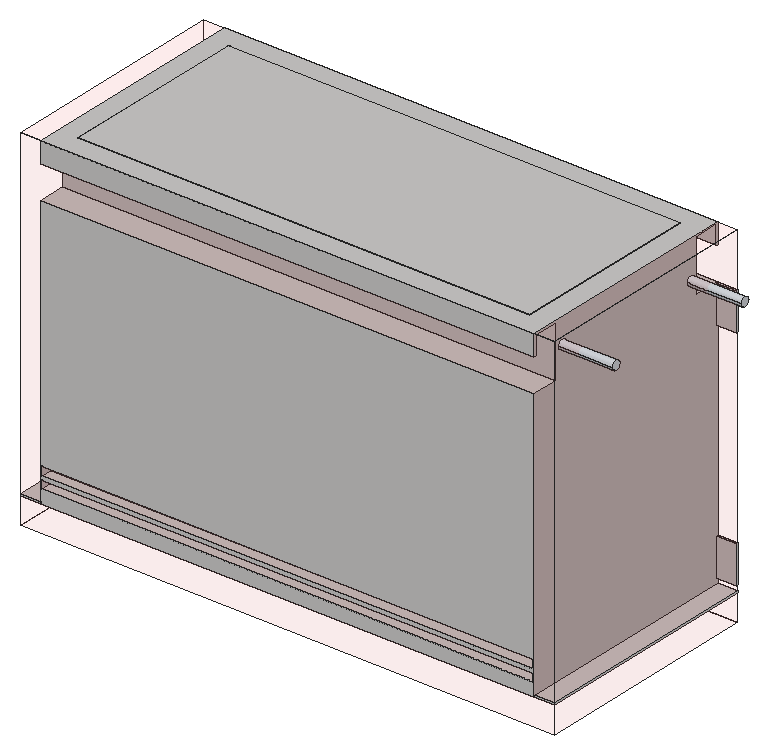
Revit family "Air-Curtain_Climate-Control_PoweredAire_ECE-HW", category Mechanical Equipment, host Face, Revit 2019
Family settings
  Host = Face
  Round Connector Dimension = Use Diameter
  Part Type = Normal
  OmniClass Number = 23.75.35.17.21
  OmniClass Title = Air Curtains
  Cut with Voids When Loaded = No
  Shared = No
  Room Calculation Point = No
Parameters
  upperrotation [instance] = if(Upper Pipe Connection Side A, 0.00°, 180.00°)  # 0.00°
  lowerrotation [instance] = if(Lower Pipe Connection Side A, 0.00°, 180.00°)  # 0.00°
  locateupperpipe [instance] = if(Upper Pipe Connection Side A, 0' 0", Nozzle Width)  # 0' - 0"
  locatelowerpipe [instance] = if(Lower Pipe Connection Side A, 0' 0", Nozzle Width)  # 0' - 0"
  Warranty Duration (Years) = 0
  Upper Pipe Connection Side A [instance] = yes
  Unit Width Notes = "Other Widths available."  # constant formula
  Unit Width = 3' - 3"
  Unit Weight = 0
  Unit Height = 1' - 4 3/4"
  Unit Depth [instance] = if(Include Filters, 2' 1 7/8", 1' 11 3/4")  # 1' - 11 3/4"
  URL = "http://www.poweredaire.com/"
  Test Data = ""
  Temperature Rise_Range = "as Specified"
  Standards Conformance = "as Specified"
  Specification = "http://www.arcat.com/sdspecs/htm04/23_34_33pai.htm"
  SpecWizard = ""
  Sound Pressure = "as Specified"
  Sales Information = "http://www.poweredaire.com/contact_us"
  Revision = "R1_2016-08"
  Projection from Host [instance] = 0' - 2"
  Product Properties = ""
  Product Data = "http://www.arcat.com/arcatcos/cos47/arc47623.html"
  Power Rating = 0 W
  Piping_Water Flow [instance] = 0 GPM
  Piping_Operating Pressure [instance] = 0.00 psi
  Piping_Exit Temperature [instance] = 0 °F
  Piping_Entry Temperature [instance] = 0 °F
  Pipe OD [instance] = 5/8"
  Outlet Volume_Range = "as Specified"
  Outlet Velocity_Range = "as Specified"
  Nozzle Width = if(1 = 1, Unit Width - 0' 3", 0' 0")  # 3' - 0"
  Mounting Width = if(1 = 1, Unit Width - 0' 1 1/2", 0' 0")  # 3' - 1 1/2"
  Mounting Height [instance] = 3' - 6"
  Motor RPM = 0
  Motor HP = 0
  Motor Count = 0
  Model = "As Specified"
  Max Height = 0' - 0"
  Manufacturer Website = "http://www.poweredaire.com/"
  Manufacturer Phone - Toll Free = "888-321-2473"
  Manufacturer Phone = "724-588-3305"
  Manufacturer Fax = "724-588-3371"
  Manufacturer Address = "109 Mortensen Rd.  Greenville, PA 16125"
  Manufacturer = "Powered Aire, Inc"
  Maintenance Schedule (Months) = 0
  Lower Pipe Connection Side A [instance] = yes
  Keynote = "23 34 33"
  Installation-Fabrication = ""
  Installation Phase = ""
  Include Filters [instance] = no
  Include Clearance [instance] = yes
  Heating Element Load = 0 W
  HVAC_Temperature Rise [instance] = 0 °F
  HVAC_Outlet Volume [instance] = 0 CFM
  HVAC_Outlet Velocity Uniformity = 0
  HVAC_Outlet Velocity [instance] = 0 FPM
  HVAC_BTU Input = 0.0 Btu/h
  Green Building-LEED = "http://www.arcat.com/green/clients/leed_data_47623.html"
  Front Grating Material [instance] = Metal - Steel - PoweredAire - Stainless 304 Perforated
  Frame Finish [instance] = Metal - Steel - PoweredAire - Stainless 304
  Expected Lifespan (Years) = 0
  Electrical_Wattage [instance] = Power Rating + Heating Element Load  # 0 W
  Electrical_Voltage [instance] = 0 V
  Electrical_Phase [instance] = 1
  Electrical_Frequency [instance] = 0 Hz
  Electrical_Amperage [instance] = 0 A
  Drawn By = "Sumex Design, Inc. / Robert S. Weygant, CSI, CDT, SCIP"
  Description = "Powered Aire Air Curtain as Specified"
  Default Elevation = 0' - 0"  # constant formula
  Copyright = "©Arcat Inc."
  Construction Details = "http://www.arcat.com/details/powair/prod3336.html"
  Clearance_Top [instance] = 0' - 0"
  Clearance_Side B [instance] = 0' - 0"
  Clearance_Side A [instance] = 0' - 0"
  Clearance_Intake [instance] = 0' - 0"
  Clearance_Bottom [instance] = 0' - 0"
  Clearance Material [instance] = ARCAT Clearance
  Building Codes = ""
  Available Options [instance] = "as Specified"
  Assembly Code = "D3090400"
Reference planes (in)
  plane 1 "Center (Elevation)": y = 0.13818
  plane 2: z = 0
  plane 3 "Center (Left/Right)": x = 0
  plane 4: y = 8.51318
  plane 5: y = -8.23682
  plane 6: x = -19.5
  plane 7: x = 19.5
  plane 8: z = 25.75
  plane 9 "FF": y = -41.86182
  plane 10: z = 2
  plane 11: x = 18
  plane 12: x = -18
  plane 13: y = 8.51318
  plane 14: y = -8.23682
  plane 15: x = -19.5
  plane 16: x = 19.5
  plane 17: z = 25.75
  plane 18: x = 17.9375
  plane 19: x = -17.9375
  plane 20: x = 18
  plane 21: x = 18
  plane 22: y = 6.01318
  plane 23: y = -5.73682
Forms (in)
  Extrusion 1, solid, material "Metal - Steel - PoweredAire - Stainless 304" <- "Frame Finish"
    sketch origin (0, 0, 0) x (0, 1, 0) y (0, 0, 1)
      loop
        line (-8.23682, 2) -> (8.51318, 2) -> (8.51318, 21.8125) -> (6.51318, 21.8125) -> (6.51318, 25.625) -> (8.38818, 25.625) -> (8.38818, 24.25) -> (8.51318, 24.25) -> (8.51318, 25.75) -> (-8.23682, 25.75) -> (-8.23682, 24.25) -> (-8.11182, 24.25) -> (-8.11182, 25.625) -> (-6.23682, 25.625) -> (-6.23682, 21.8125) -> (-8.23682, 21.8125) -> (-8.23682, 2)
    from -18 to 18
  Extrusion 2, solid, material "ARCAT Clearance" <- "Clearance Material", visible <- "Include Clearance"
    sketch origin (0, 0, 0) x (0, 1, 0) y (0, 0, 1)
      loop
        line (-8.23682, 25.75) -> (-8.23682, 0) -> (8.51318, 0) -> (8.51318, 25.75) -> (-8.23682, 25.75)
    from -19.5 to 19.5
  Extrusion 3, solid, material "Metal - Steel - PoweredAire - Stainless 304" <- "Frame Finish"
    sketch origin (-15.17702, -180, 2) x (-1, 0, 0) y (0, -1, 0)
      loop
        line (-33.17702, -188.51318) -> (-33.17702, -171.76318) -> (-34.67702, -171.76318) -> (-34.67702, -188.51318) -> (-33.17702, -188.51318)
      loop
        line (2.82298, -188.51318) -> (4.32298, -188.51318) -> (4.32298, -171.76318) -> (2.82298, -171.76318) -> (2.82298, -188.51318)
    from 0 to 0.125
  Extrusion 4, solid, material "Metal - Steel - PoweredAire - Stainless 304" <- "Frame Finish"
    sketch origin (-11.83813, 8.51318, 48) x (-1, 0, 0) y (0, 0, 1)
      loop
        line (-29.83813, -45.5) -> (-29.83813, -42.75) -> (-31.33813, -42.75) -> (-31.33813, -45.5) -> (-29.83813, -45.5)
      loop
        line (-29.83813, -28.9375) -> (-29.83813, -26.1875) -> (-31.33813, -26.1875) -> (-31.33813, -28.9375) -> (-29.83813, -28.9375)
      loop
        line (6.16187, -45.5) -> (7.66187, -45.5) -> (7.66187, -42.75) -> (6.16187, -42.75) -> (6.16187, -45.5)
      loop
        line (6.16187, -28.9375) -> (7.66187, -28.9375) -> (7.66187, -26.1875) -> (6.16187, -26.1875) -> (6.16187, -28.9375)
    from 0 to -0.125
  Extrusion 5, void
    sketch origin (0, 0, 0) x (0, 1, 0) y (0, 0, 1)
      loop
        line (-8.23682, 3) -> (-7.23682, 3) -> (-7.23682, 4.5) -> (-8.23682, 4.5) -> (-8.23682, 3.82425) -> (-7.38364, 3.82425) -> (-7.38364, 3.57425) -> (-8.23682, 3.57425) -> (-8.23682, 3)
    from -17.9375 to 17.9375
  Extrusion 6, solid, material "Metal - Steel - PoweredAire - Stainless 304 Perforated" <- "Front Grating Material"
    sketch origin (0, -8.23682, 25.75) x (0, 1, 0) y (-1, 0, 0)
      loop
        line (15.25, 16.5) -> (1.5, 16.5) -> (1.5, -16.5) -> (15.25, -16.5) -> (15.25, 16.5)
    from 0 to 0.03125
  Sweep 7, solid
    path origin (18, 6.01318, 0) x (1, 0, 0) y (0, 1, 0)
      loop
        line (0, 0) -> (4, 0)
    profile origin (20, 6.01318, 0) x (0, 1, 0) y (0, 0, 1)
      loop
        circle (0, 23) r 0.3125
  Sweep 8, solid
    path origin (18, -5.73682, 0) x (1, 0, 0) y (0, 1, 0)
      loop
        line (0, 0) -> (4, 0)
    profile origin (20, -5.73682, 0) x (0, 1, 0) y (0, 0, 1)
      loop
        circle (0, 24) r 0.3125
Cuts and joins
  Extrusion 5 cuts Extrusion 1
Lines and regions (in)
  reference lines
    curve 1: line (18, 6.01318, 0) -> (22.75, 6.01318, 0)
    curve 2: line (18, -5.73682, 0) -> (23.75, -5.73682, 0)
Dimensions and locks (in)
  equal spacing: plane 4, plane 1 "Center (Elevation)", plane 5
  "Unit Height": plane 4 to plane 5
  equal spacing: plane 6, plane 3 "Center (Left/Right)", plane 7
  "Unit Width": plane 6 to plane 7
  "Mounting Height": plane 1 "Center (Elevation)" to plane 9 "FF"
  "Projection from Host": plane 10 to level
  "Unit Depth": plane 8 to plane 10
  locked: plane 6 to plane 12 at 1.5
  locked: plane 11 to plane 7 at 1.5
  "Clearance_Side A": plane 7 to plane 16
  "Clearance_Side B": plane 15 to plane 6
  "Clearance_Top": plane 13 to plane 4
  "Clearance_Bottom": plane 5 to plane 14
  "Clearance_Intake": plane 17 to plane 8
  plane 5 to Extrusion 1 sketch curve to Extrusion 1 sketch curve = 0' - 0 1/8" locked, 0' - 1 7/8" locked
  Extrusion 1 sketch curve to Extrusion 1 sketch curve to plane 4 = 0' - 1 7/8" locked, 0' - 0 1/8" locked
  Extrusion 4 sketch curve to Extrusion 4 sketch curve to Extrusion 4 sketch curve to Extrusion 4 sketch curve to plane 10 = 0' - 2 3/4" locked, 1' - 1 13/16" locked, 0' - 2 3/4" locked, 0' - 0 1/2" locked
  Extrusion 4 sketch curve to Extrusion 4 sketch curve to Extrusion 4 sketch curve to Extrusion 4 sketch curve = 0' - 2 3/4" locked, 1' - 1 13/16" locked, 0' - 2 3/4" locked
  locked: Extrusion 4 sketch curve to plane 10 at 0.5
  plane 8 to Extrusion 1 sketch curve to Extrusion 1 sketch curve = 0' - 0 1/8" locked, 0' - 1 3/8" locked  (x2)
  locked: Extrusion 1 sketch curve to plane 10 at 19.8125  (x2)
  Extrusion 5 sketch curve to Extrusion 5 sketch curve to Extrusion 5 sketch curve to Extrusion 5 sketch curve to plane 10 = 0' - 0.67575" locked, 0' - 0 1/4" locked, 0' - 0.57425" locked, 0' - 1" locked
  plane 5 to Extrusion 5 sketch curve to Extrusion 5 sketch curve = 0' - 0.85319" locked, 0' - 0.14681" locked
  locked: plane 19 to plane 12 at 0.0625
  locked: plane 11 to plane 18 at 0.0625
  locked: plane 4 to Extrusion 6 sketch curve at 1.5
  locked: Extrusion 6 sketch curve to plane 5 at 1.5
  locked: Extrusion 6 sketch curve to plane 11 at 1.5
  locked: plane 12 to Extrusion 6 sketch curve at 1.5
  "locateupperpipe": plane 20 to plane 11
  "locatelowerpipe": plane 21 to plane 11
  locked: plane 4 to plane 22 at 2.5
  locked: plane 23 to plane 5 at 2.5
  locked: curve 1 to Sweep 7 sketch curve at 4
  locked: curve 1 to Sweep 7 sketch curve
  locked: Sweep 7 sketch curve to plane 10 at 21
  locked: curve 2 to Sweep 8 sketch curve at 4
  locked: curve 2 to Sweep 8 sketch curve
  locked: Sweep 8 sketch curve to plane 10 at 22
  "upperrotation": angle plane 22 to curve 1
  "lowerrotation": angle plane 23 to curve 2
  aligned and locked: plane 2 to host face
  aligned and locked: level to host face
  aligned and locked: Extrusion 2 sketch curve to plane 17
  aligned and locked: plane 14 to Extrusion 2 sketch curve
  aligned and locked: level to Extrusion 2 sketch curve
  aligned and locked: Extrusion 2 sketch curve to plane 13
  aligned and locked: plane 16 to Extrusion 2
  aligned and locked: Extrusion 2 to plane 15
  aligned and locked: plane 11 to Extrusion 1
  aligned and locked: Extrusion 1 to plane 12
  aligned and locked: plane 21 to curve 2
  aligned and locked: plane 23 to curve 2
  aligned and locked: plane 22 to curve 1
  aligned and locked: plane 20 to curve 1
Automatic sketch dimensions
  host sketch curve to host sketch curve = 8' - 0"  (x2)
  Extrusion 1 sketch curve to plane 5 = 0' - 0"  (x2)
  Extrusion 1 sketch curve to plane 4 = 0' - 0"  (x2)
  Extrusion 1 sketch curve to plane 10 = 0' - 0"
  Extrusion 1 sketch curve to plane 8 = 0' - 0"
  plane 4 to Extrusion 3 sketch curve = 0' - 0"
  Extrusion 3 sketch curve to plane 7 = 0' - 0"
  plane 5 to Extrusion 3 sketch curve = 0' - 0"
  Extrusion 3 sketch curve to plane 11 = 0' - 0"
  Extrusion 3 sketch curve to plane 4 = 0' - 0"
  Extrusion 3 sketch curve to plane 12 = 0' - 0"
  Extrusion 3 sketch curve to plane 6 = 0' - 0"
  Extrusion 3 sketch curve to plane 5 = 0' - 0"
  Extrusion 4 sketch curve to plane 7 = 0' - 0"  (x2)
  Extrusion 4 sketch curve to plane 11 = 0' - 0"  (x2)
  Extrusion 4 sketch curve to plane 12 = 0' - 0"  (x2)
  Extrusion 4 sketch curve to plane 6 = 0' - 0"  (x2)
  Extrusion 5 sketch curve to plane 5 = 0' - 0"  (x2)
  Sweep 7 sketch curve to profile plane = 0' - 0"
  Sweep 8 sketch curve to profile plane = 0' - 0"
  radius of Sweep 7 sketch curve = 0' - 0 5/16"
  radius of Sweep 8 sketch curve = 0' - 0 5/16"
Connectors (in)
  piping at (22, 6.01318, 23), diameter 0.625, driven by "Pipe OD", driven by "Piping_Water Flow"
    settings: on Sweep 7, index 1, connector inside diameter 24", connector length 0' - 0", flow factor 0, pipe flow 0 GPM, pressure drop 0.00 psi, fitting loss kfactor 0, connector angle 0.00°, fixture units 0, engagement length 0' - 0", angle of deflection 0.00°, flow configuration 0, flow direction 0, fitting loss method 0, system type 29, joint type 0, gender type 0, connector reference index -1, connector utility 0, adjustable connector no, is connector primary yes, connector description "Define Supply or Return and Location"
  piping at (22, -5.73682, 24), diameter 0.625, driven by "Pipe OD", driven by "Piping_Water Flow"
    settings: on Sweep 8, index 2, connector inside diameter 24", connector length 0' - 0", flow factor 0, pipe flow 0 GPM, pressure drop 0.00 psi, fitting loss kfactor 0, connector angle 0.00°, fixture units 0, engagement length 0' - 0", angle of deflection 0.00°, flow configuration 0, flow direction 0, fitting loss method 0, system type 29, joint type 0, gender type 0, connector reference index -1, connector utility 0, adjustable connector no, is connector primary no, connector description "Define Supply or Return and Location"
  electrical at (-18, 0.13818, 21.39062), driven by "Electrical_Voltage", driven by "Electrical_Phase"
    settings: on cut or joined group of Extrusion 1, Extrusion 5, index 3, voltage 0 V, apparent load 0 VA, apparent load phase1 0 VA, apparent load phase2 0 VA, apparent load phase3 0 VA, power factor 1, load classification "Motor", number of poles 1, system type 31, power factor state 1, is connector primary yes, connector utility no, sub classification motor no, connector description ""
